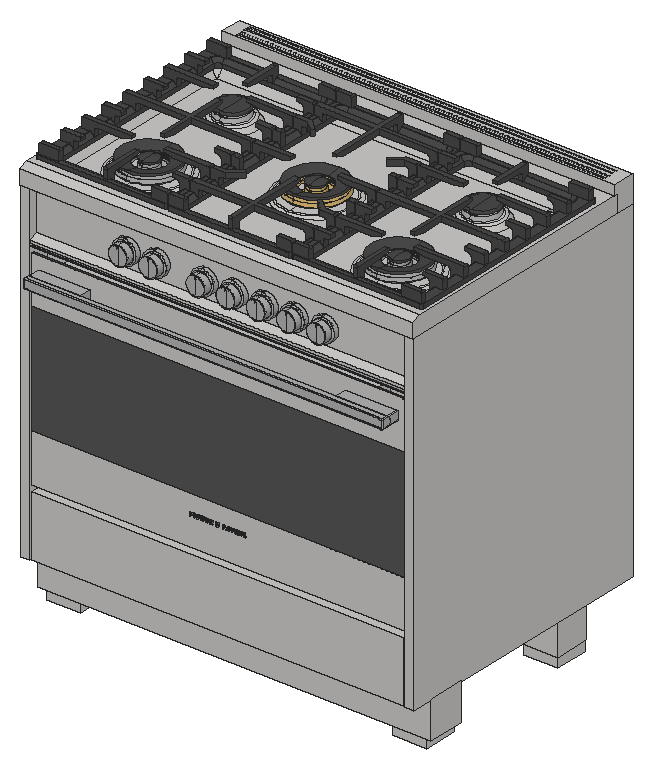
Revit family "FP_Revit_18_OR36SDG4X1_Range_90001021A", category Specialty Equipment, Revit 2018 (continued)
Definition of nested family "F&P Burner Dual Wok"
  Forms (mm)
    Revolve 2, solid, material <- "Material - Burners & Trivets", detail levels fine
      sketch origin (0, 0, 0) x (0, 1, 0) y (0, 0, 1)
        loop
          line (64.958, 44.616) -> (36.353, 36.951) -> (36.353, 34.652) -> (61.561, 40.01) -> (63.997, 40.01) -> (66.045, 40.559) -> (64.958, 44.616)
        loop
          line (0, 45.115) -> (0, 39.67) -> (21.2, 39.67) -> (21.2, 42.433)
          arc (21.2, 42.433) -> (10.684, 44.442) -> (0, 45.115) r 85.151
        axis (0, 45.115) -> (0, 34.652)
      angle from 0 to 360
    Extrusion 3, void
      sketch origin (0, 0, 0) x (1, 0, 0) y (0, 1, 0)
        loop
          arc (-31.085, 20.785) -> (-37.341, -1.988) -> (-28.703, -23.968) r 37.394
          line (-28.703, -23.968) -> (-19.571, -8.151)
          arc (-19.571, -8.151) -> (-20.975, 3.077) -> (-16.404, 13.429) r 21.2
          line (-16.404, 13.429) -> (-16.404, 15.447)
          arc (-16.404, 15.447) -> (-17.093, 17.364) -> (-18.844, 18.406) r 3.015
          line (-18.844, 18.406) -> (-31.085, 20.785)
        loop
          arc (-20.415, -31.33) -> (0, -37.394) -> (20.415, -31.33) r 37.394
          line (20.415, -31.33) -> (12.297, -17.269)
          arc (12.297, -17.269) -> (0, -21.2) -> (-12.297, -17.269) r 21.2
          line (-12.297, -17.269) -> (-20.415, -31.33)
        loop
          line (31.085, 20.785) -> (18.844, 18.406)
          arc (18.844, 18.406) -> (17.093, 17.364) -> (16.404, 15.447) r 3.015
          line (16.404, 15.447) -> (16.404, 13.429)
          arc (16.404, 13.429) -> (20.975, 3.077) -> (19.571, -8.151) r 21.2
          line (19.571, -8.151) -> (28.703, -23.968)
          arc (28.703, -23.968) -> (37.341, -1.988) -> (31.085, 20.785) r 37.394
      from 19.121 to 23.2
    Revolve 4, solid, material <- "Material - Burners & Trivets", detail levels coarse+medium
      sketch origin (0, 0, 0) x (0, 1, 0) y (0, 0, 1)
        loop
          line (-67.134, 45.199) -> (-67.134, 23.2) -> (-36.35, 23.2) -> (-36.35, 36.951) -> (-67.134, 45.199)
        loop
          line (-21.2, 42.433) -> (-21.2, 23.2) -> (0, 23.2) -> (0, 42.433) -> (-21.2, 42.433)
        axis (0, 45.199) -> (0, 23.2)
      angle from 0 to 360
  Cuts and joins
    Extrusion 3 cuts Revolve 2
    Extrusion 3 cuts Revolve 1
  Dimensions and locks
    aligned and locked: level to plane 2
Definition of nested family "F&P Burner Semi Rapid"
  Parameters (values of type "F&P Burner Semi Rapid")
    URL = "www.fisherpaykel.com"
    Material - Burners & Trivets = none
    Material - Body = none
    Manufacturer = "Fisher & Paykel Appliances"
  Reference planes
    plane 1 "Center (Front/Back)": y = 0
    plane 2: z = 0
    plane 3 "Center (Left/Right)": x = 0
  Forms (mm)
    Revolve 1, solid, material <- "Material - Burners & Trivets", detail levels fine
      sketch origin (0, 0, 0) x (0, 1, 0) y (0, 0, 1)
        loop
          line (0, 18.4) -> (0, 21.9) -> (-34.1, 21.9)
          arc (-34.1, 21.9) -> (-36.575, 20.875) -> (-37.6, 18.4) r 3.5
          line (-37.6, 18.4) -> (0, 18.4)
        axis (0, 21.9) -> (0, 18.4)
      angle from 0 to 360
    Revolve 2, solid, material <- "Material - Body", detail levels fine
      sketch origin (0, 0, 0) x (0, 1, 0) y (0, 0, 1)
        loop
          line (0, 18.4) -> (-31, 18.4) -> (-33.046, 11.4) -> (-35, 11.4) -> (-38, 3) -> (0, 3) -> (0, 18.4)
        axis (0, 18.4) -> (0, 3)
      angle from 0 to 360
    Extrusion 3, solid, material <- "Material - Burners & Trivets", detail levels coarse+medium
      sketch origin (0, 0, 0) x (1, 0, 0) y (0, 1, 0)
        loop
          circle (0, 0) r 38
      from 0 to 22
  Dimensions and locks
    aligned and locked: level to plane 2
Definition of nested family "F&P Dial Range Contemporary"
  Parameters (values of type "F&P Dial Range Contemporary")
    URL = "www.fisherpaykel.com"
    Material - Buttons and Dials = none
    Manufacturer = "Fisher & Paykel Appliances"
  Reference planes
    plane 1 "Center (Front/Back)": y = 0
    plane 2: z = 0
    plane 3 "Center (Left/Right)": x = 0
  Forms (mm)
    Revolve 1, solid, material <- "Material - Buttons and Dials", detail levels fine
      sketch origin (0, 0, 0) x (0, 1, 0) y (0, 0, 1)
        loop
          line (0, 0) -> (0, 27.732) -> (-10.5, 27.732) -> (-13, 24.291) -> (-13, 22) -> (-29.2, 22) -> (-30, 21.2) -> (-30, 0) -> (0, 0)
        axis (0, 0) -> (-30, 0)
      angle from 0 to 360
    Revolve 2, solid, material <- "Material - Buttons and Dials", detail levels coarse+medium
      sketch origin (0, 0, 0) x (0, 1, 0) y (0, 0, 1)
        loop
          line (-30, 0) -> (0, 0) -> (0, 27.732) -> (-13, 27.732) -> (-13, 22) -> (-30, 22) -> (-30, 0)
        axis (0, 0) -> (-30, 0)
      angle from 0 to 360
    Extrusion 3, void
      sketch origin (0, 0, 0) x (1, 0, 0) y (0, 1, 0)
        loop
          line (-1, -6) -> (-1, -13) -> (1, -13) -> (1, -6)
          arc (1, -6) -> (0, -5) -> (-1, -6) r 1
      from 27 to 28
    Extrusion 4, void
      sketch origin (0, 0, 0) x (1, 0, 0) y (0, 0, 1)
        loop
          line (-1, 19) -> (-1, 16)
          arc (-1, 16) -> (0, 15) -> (1, 16) r 1
          line (1, 16) -> (1, 19)
          arc (1, 19) -> (0, 20) -> (-1, 19) r 1
      from 29.2 to 30
  Cuts and joins
    Extrusion 3, Extrusion 4 cuts Revolve 1
  Dimensions and locks
    aligned and locked: level to plane 2
Definition of nested family "F&P Trivet Range Classic 36"
  Parameters (values of type "F&P Trivet Range Classic 36")
    URL = "www.fisherpaykel.com"
    Material - Burners & Trivets = none
    Manufacturer = "Fisher & Paykel Appliances"
  Reference planes
    plane 1 "Center (Front/Back)": y = 0
    plane 2: z = 0
    plane 3 "Center (Left/Right)": x = 0
  Forms (mm)
    Extrusion 1, solid, material <- "Material - Burners & Trivets", detail levels medium+fine
      sketch origin (0, 0, 0) x (1, 0, 0) y (0, 1, 0)
        loop
          arc (-298.9, 251.75) -> (-301.728, 250.578) -> (-302.9, 247.75) r 4
          line (-302.9, 247.75) -> (-302.9, -247.75)
          arc (-302.9, -247.75) -> (-301.728, -250.578) -> (-298.9, -251.75) r 4
          line (-298.9, -251.75) -> (-4.9, -251.75)
          arc (-4.9, -251.75) -> (-2.072, -250.578) -> (-0.9, -247.75) r 4
          line (-0.9, -247.75) -> (-0.9, 247.75)
          arc (-0.9, 247.75) -> (-2.072, 250.578) -> (-4.9, 251.75) r 4
          line (-4.9, 251.75) -> (-298.9, 251.75)
        loop
          arc (-31.7, -241.25) -> (-17.558, -235.392) -> (-11.7, -221.25) r 20
          line (-11.7, -221.25) -> (-11.7, 221.25)
          arc (-11.7, 221.25) -> (-17.558, 235.392) -> (-31.7, 241.25) r 20
          line (-31.7, 241.25) -> (-259.31, 241.25)
          arc (-259.31, 241.25) -> (-273.452, 235.392) -> (-279.31, 221.25) r 20
          line (-279.31, 221.25) -> (-279.31, -221.25)
          arc (-279.31, -221.25) -> (-273.452, -235.392) -> (-259.31, -241.25) r 20
          line (-259.31, -241.25) -> (-31.7, -241.25)
      from 9.493 to 19
    Sweep 2, solid, material <- "Material - Burners & Trivets", detail levels medium+fine
      path in 3D
        loop
          arc (-279.31, 221.25, 19) -> (-273.452, 235.392, 19) -> (-259.31, 241.25, 19) r 20
          line (-259.31, 241.25, 19) -> (-31.7, 241.25, 19)
          arc (-31.7, 241.25, 19) -> (-17.558, 235.392, 19) -> (-11.7, 221.25, 19) r 20
          line (-11.7, 221.25, 19) -> (-11.7, -221.25, 19)
          arc (-11.7, -221.25, 19) -> (-17.558, -235.392, 19) -> (-31.7, -241.25, 19) r 20
          line (-31.7, -241.25, 19) -> (-259.31, -241.25, 19)
          arc (-259.31, -241.25, 19) -> (-273.452, -235.392, 19) -> (-279.31, -221.25, 19) r 20
          line (-279.31, -221.25, 19) -> (-279.31, 221.25, 19)
      profile origin (-279.31, 0, 19) x (-1, 0, 0) y (0, 0, 1)
        loop
          line (0, 0) -> (-10.55, -9.507) -> (-10.55, -19) -> (0, -19) -> (0, 0)
    Extrusion 3, solid, material <- "Material - Burners & Trivets", detail levels medium+fine
      sketch origin (0, 0, 0) x (1, 0, 0) y (0, 0, 1)
        loop
          line (-298.89, 19) -> (-279.31, 19) -> (-268.76, 9.493) -> (-268.76, 25.205)
          arc (-268.76, 25.205) -> (-267.798, 28.153) -> (-265.283, 29.967) r 5
          line (-265.283, 29.967) -> (-252.67, 34) -> (-252.67, 39)
          arc (-252.67, 39) -> (-253.549, 41.121) -> (-255.67, 42) r 3
          line (-255.67, 42) -> (-295.89, 42)
          arc (-295.89, 42) -> (-298.011, 41.121) -> (-298.89, 39) r 3
          line (-298.89, 39) -> (-298.89, 19)
        loop
          line (-0.9, 19) -> (-0.9, 39)
          arc (-0.9, 39) -> (-1.779, 41.121) -> (-3.9, 42) r 3
          line (-3.9, 42) -> (-38.33, 42) -> (-38.33, 34) -> (-25.717, 29.967)
          arc (-25.717, 29.967) -> (-23.202, 28.153) -> (-22.24, 25.205) r 5
          line (-22.24, 25.205) -> (-22.24, 9.507) -> (-11.705, 19) -> (-0.9, 19)
      from 174.48 to 185.18
    Extrusion 4, solid, material <- "Material - Burners & Trivets", detail levels medium+fine
      sketch origin (0, 0, 0) x (1, 0, 0) y (0, 0, 1)
        loop
          line (-252.67, 19) -> (-252.67, 39)
          arc (-252.67, 39) -> (-253.549, 41.121) -> (-255.67, 42) r 3
          line (-255.67, 42) -> (-295.89, 42)
          arc (-295.89, 42) -> (-298.011, 41.121) -> (-298.89, 39) r 3
          line (-298.89, 39) -> (-298.89, 19) -> (-252.67, 19)
        loop
          line (-0.9, 19) -> (-0.9, 39)
          arc (-0.9, 39) -> (-1.779, 41.121) -> (-3.9, 42) r 3
          line (-3.9, 42) -> (-35.33, 42)
          arc (-35.33, 42) -> (-37.451, 41.121) -> (-38.33, 39) r 3
          line (-38.33, 39) -> (-38.33, 19) -> (-0.9, 19)
      from 238.25 to 248.23
    Extrusion 5, solid, material <- "Material - Burners & Trivets", detail levels medium+fine
      sketch origin (0, 0, 0) x (1, 0, 0) y (0, 0, 1)
        loop
          line (-298.89, 19) -> (-279.31, 19) -> (-268.76, 9.493) -> (-268.76, 25)
          arc (-268.76, 25) -> (-267.296, 28.536) -> (-263.76, 30) r 5
          line (-263.76, 30) -> (-208.4, 30) -> (-183.4, 35.5) -> (-183.4, 42) -> (-295.89, 42)
          arc (-295.89, 42) -> (-298.011, 41.121) -> (-298.89, 39) r 3
          line (-298.89, 39) -> (-298.89, 19)
        loop
          line (-0.9, 19) -> (-0.9, 39)
          arc (-0.9, 39) -> (-1.779, 41.121) -> (-3.9, 42) r 3
          line (-3.9, 42) -> (-107.6, 42) -> (-107.6, 35.5) -> (-82.6, 30) -> (-27.24, 30)
          arc (-27.24, 30) -> (-23.704, 28.536) -> (-22.24, 25) r 5
          line (-22.24, 25) -> (-22.24, 9.507) -> (-11.705, 19) -> (-0.9, 19)
      from 114.52 to 125.22
    Extrusion 6, solid, material <- "Material - Burners & Trivets", detail levels medium+fine
      sketch origin (0, 0, 0) x (0, 1, 0) y (0, 0, 1)
        loop
          line (-230.721, 9.512) -> (-230.721, 25)
          arc (-230.721, 25) -> (-229.257, 28.536) -> (-225.721, 30) r 5
          line (-225.721, 30) -> (-182.46, 30) -> (-157.46, 35.5) -> (-157.46, 42) -> (-243.58, 42)
          arc (-243.58, 42) -> (-245.701, 41.121) -> (-246.58, 39) r 3
          line (-246.58, 39) -> (-246.58, 19) -> (-241.25, 19) -> (-230.721, 9.512)
        loop
          line (-5.82, 30) -> (-5.82, 42) -> (-82.12, 42) -> (-82.12, 35.5) -> (-57.12, 30) -> (-5.82, 30)
        loop
          line (230.721, 9.514) -> (241.248, 19) -> (246.58, 19) -> (246.58, 39)
          arc (246.58, 39) -> (245.701, 41.121) -> (243.58, 42) r 3
          line (243.58, 42) -> (157.46, 42) -> (157.46, 35.5) -> (182.46, 30) -> (225.721, 30)
          arc (225.721, 30) -> (229.257, 28.536) -> (230.721, 25) r 5
          line (230.721, 25) -> (230.721, 9.514)
        loop
          line (5.82, 30) -> (57.12, 30) -> (82.12, 35.5) -> (82.12, 42) -> (5.82, 42) -> (5.82, 30)
      from -150.604 to -140.396
    Extrusion 7, solid, material <- "Material - Burners & Trivets", detail levels medium+fine
      sketch origin (0, 0, 0) x (1, 0, 0) y (0, 0, 1)
        loop
          line (-298.89, 19) -> (-279.31, 19) -> (-268.76, 9.493) -> (-268.76, 25)
          arc (-268.76, 25) -> (-267.296, 28.536) -> (-263.76, 30) r 5
          line (-263.76, 30) -> (-27.24, 30)
          arc (-27.24, 30) -> (-23.704, 28.536) -> (-22.24, 25) r 5
          line (-22.24, 25) -> (-22.24, 9.507) -> (-11.705, 19) -> (-0.9, 19) -> (-0.9, 39)
          arc (-0.9, 39) -> (-1.779, 41.121) -> (-3.9, 42) r 3
          line (-3.9, 42) -> (-293.89, 42)
          arc (-293.89, 42) -> (-297.426, 40.536) -> (-298.89, 37) r 5
          line (-298.89, 37) -> (-298.89, 19)
      from -5.82 to 5.82
    Extrusion 8, solid, material <- "Material - Burners & Trivets", detail levels coarse
      sketch origin (0, 0, 0) x (1, 0, 0) y (0, 1, 0)
        loop
          line (-302.9, 251.75) -> (-302.9, -251.75) -> (-0.9, -251.75) -> (-0.9, 251.75) -> (-302.9, 251.75)
        loop
          line (-268.76, 230.7) -> (-268.76, -230.7) -> (-22.25, -230.7) -> (-22.25, 230.7) -> (-268.76, 230.7)
      from 9.493 to 19
    Extrusion 9, solid, detail levels coarse
      sketch origin (0, 0, 0) x (1, 0, 0) y (0, 1, 0)
        loop
          line (-150.604, 246.58) -> (-150.604, 125.22) -> (-298.89, 125.22) -> (-298.89, 114.52) -> (-150.604, 114.52) -> (-150.604, 5.82) -> (-298.89, 5.82) -> (-298.89, -5.82) -> (-150.604, -5.82) -> (-150.604, -114.52) -> (-298.89, -114.52) -> (-298.89, -125.22) -> (-150.604, -125.22) -> (-150.604, -246.58) -> (-140.396, -246.58) -> (-140.396, -125.22) -> (-0.9, -125.22) -> (-0.9, -114.52) -> (-140.396, -114.52) -> (-140.396, -5.82) -> (-0.9, -5.82) -> (-0.9, 5.82) -> (-140.396, 5.82) -> (-140.396, 114.52) -> (-0.9, 114.52) -> (-0.9, 125.22) -> (-140.396, 125.22) -> (-140.396, 246.58) -> (-150.604, 246.58)
      from 29.967 to 42
    Extrusion 10, solid, material <- "Material - Burners & Trivets", detail levels medium+fine
      sketch origin (0, 0, 0) x (1, 0, 0) y (0, 0, 1)
        loop
          line (-298.89, 19) -> (-279.31, 19) -> (-268.76, 9.493) -> (-268.76, 25.205)
          arc (-268.76, 25.205) -> (-267.798, 28.153) -> (-265.283, 29.967) r 5
          line (-265.283, 29.967) -> (-252.67, 34) -> (-252.67, 39)
          arc (-252.67, 39) -> (-253.549, 41.121) -> (-255.67, 42) r 3
          line (-255.67, 42) -> (-295.89, 42)
          arc (-295.89, 42) -> (-298.011, 41.121) -> (-298.89, 39) r 3
          line (-298.89, 39) -> (-298.89, 19)
        loop
          line (-0.9, 19) -> (-0.9, 39)
          arc (-0.9, 39) -> (-1.779, 41.121) -> (-3.9, 42) r 3
          line (-3.9, 42) -> (-38.33, 42) -> (-38.33, 34) -> (-25.717, 29.967)
          arc (-25.717, 29.967) -> (-23.202, 28.153) -> (-22.24, 25.205) r 5
          line (-22.24, 25.205) -> (-22.24, 9.507) -> (-11.705, 19) -> (-0.9, 19)
      from 54.94 to 65.64
    Extrusion 11, solid, material <- "Material - Burners & Trivets", detail levels medium+fine
      sketch origin (0, 0, 0) x (1, 0, 0) y (0, 0, -1)
        loop
          line (-298.89, -19) -> (-298.89, -39)
          arc (-298.89, -39) -> (-298.011, -41.121) -> (-295.89, -42) r 3
          line (-295.89, -42) -> (-255.67, -42)
          arc (-255.67, -42) -> (-253.549, -41.121) -> (-252.67, -39) r 3
          line (-252.67, -39) -> (-252.67, -34) -> (-265.283, -29.967)
          arc (-265.283, -29.967) -> (-267.798, -28.153) -> (-268.76, -25.205) r 5
          line (-268.76, -25.205) -> (-268.76, -9.493) -> (-279.31, -19) -> (-298.89, -19)
        loop
          line (-0.9, -19) -> (-11.705, -19) -> (-22.24, -9.507) -> (-22.24, -25.205)
          arc (-22.24, -25.205) -> (-23.202, -28.153) -> (-25.717, -29.967) r 5
          line (-25.717, -29.967) -> (-38.33, -34) -> (-38.33, -42) -> (-3.9, -42)
          arc (-3.9, -42) -> (-1.779, -41.121) -> (-0.9, -39) r 3
          line (-0.9, -39) -> (-0.9, -19)
      from 174.48 to 185.18
    Extrusion 12, solid, material <- "Material - Burners & Trivets", detail levels medium+fine
      sketch origin (0, 0, 0) x (1, 0, 0) y (0, 0, -1)
        loop
          line (-298.89, -19) -> (-298.89, -39)
          arc (-298.89, -39) -> (-298.011, -41.121) -> (-295.89, -42) r 3
          line (-295.89, -42) -> (-183.4, -42) -> (-183.4, -35.5) -> (-208.4, -30) -> (-263.76, -30)
          arc (-263.76, -30) -> (-267.296, -28.536) -> (-268.76, -25) r 5
          line (-268.76, -25) -> (-268.76, -9.493) -> (-279.31, -19) -> (-298.89, -19)
        loop
          line (-0.9, -19) -> (-11.705, -19) -> (-22.24, -9.507) -> (-22.24, -25)
          arc (-22.24, -25) -> (-23.704, -28.536) -> (-27.24, -30) r 5
          line (-27.24, -30) -> (-82.6, -30) -> (-107.6, -35.5) -> (-107.6, -42) -> (-3.9, -42)
          arc (-3.9, -42) -> (-1.779, -41.121) -> (-0.9, -39) r 3
          line (-0.9, -39) -> (-0.9, -19)
      from 114.52 to 125.22
    Extrusion 13, solid, material <- "Material - Burners & Trivets", detail levels medium+fine
      sketch origin (0, 0, 0) x (1, 0, 0) y (0, 0, -1)
        loop
          line (-298.89, -19) -> (-298.89, -39)
          arc (-298.89, -39) -> (-298.011, -41.121) -> (-295.89, -42) r 3
          line (-295.89, -42) -> (-255.67, -42)
          arc (-255.67, -42) -> (-253.549, -41.121) -> (-252.67, -39) r 3
          line (-252.67, -39) -> (-252.67, -34) -> (-265.283, -29.967)
          arc (-265.283, -29.967) -> (-267.798, -28.153) -> (-268.76, -25.205) r 5
          line (-268.76, -25.205) -> (-268.76, -9.493) -> (-279.31, -19) -> (-298.89, -19)
        loop
          line (-0.9, -19) -> (-11.705, -19) -> (-22.24, -9.507) -> (-22.24, -25.205)
          arc (-22.24, -25.205) -> (-23.202, -28.153) -> (-25.717, -29.967) r 5
          line (-25.717, -29.967) -> (-38.33, -34) -> (-38.33, -42) -> (-3.9, -42)
          arc (-3.9, -42) -> (-1.779, -41.121) -> (-0.9, -39) r 3
          line (-0.9, -39) -> (-0.9, -19)
      from 54.94 to 65.64
    Extrusion 14, solid, material <- "Material - Burners & Trivets", detail levels medium+fine
      sketch origin (0, 0, 0) x (1, 0, 0) y (0, 0, -1)
        loop
          line (-252.67, -19) -> (-298.89, -19) -> (-298.89, -39)
          arc (-298.89, -39) -> (-298.011, -41.121) -> (-295.89, -42) r 3
          line (-295.89, -42) -> (-255.67, -42)
          arc (-255.67, -42) -> (-253.549, -41.121) -> (-252.67, -39) r 3
          line (-252.67, -39) -> (-252.67, -19)
        loop
          line (-0.9, -19) -> (-38.33, -19) -> (-38.33, -39)
          arc (-38.33, -39) -> (-37.451, -41.121) -> (-35.33, -42) r 3
          line (-35.33, -42) -> (-3.9, -42)
          arc (-3.9, -42) -> (-1.779, -41.121) -> (-0.9, -39) r 3
          line (-0.9, -39) -> (-0.9, -19)
      from 238.25 to 248.23
  Cuts and joins
    joined: Extrusion 6, Extrusion 7
  Lines and regions (mm)
    sketch lines
      curve 1: line (-279.31, -221.25, 19) -> (-279.31, 221.25, 19)
      curve 2: arc (-279.31, -221.25, 19) -> (-273.452, -235.392, 19) -> (-259.31, -241.25, 19) r 20
      curve 3: line (-31.7, -241.25, 19) -> (-259.31, -241.25, 19)
      curve 4: line (-11.7, 221.25, 19) -> (-11.7, -221.25, 19)
      curve 5: arc (-31.7, -241.25, 19) -> (-17.558, -235.392, 19) -> (-11.7, -221.25, 19) r 20
      curve 6: arc (-11.7, 221.25, 19) -> (-17.558, 235.392, 19) -> (-31.7, 241.25, 19) r 20
      curve 7: line (-259.31, 241.25, 19) -> (-31.7, 241.25, 19)
      curve 8: arc (-259.31, 241.25, 19) -> (-273.452, 235.392, 19) -> (-279.31, 221.25, 19) r 20
  Dimensions and locks
    aligned and locked: level to plane 2
Definition of nested family "F&P Trivet Range Classic Centre 36"
  Parameters (values of type "F&P Trivet Range Classic Centre 36")
    URL = "www.fisherpaykel.com"
    Material - Burners & Trivets = none
    Manufacturer = "Fisher & Paykel Appliances"
  Reference planes
    plane 1 "Center (Front/Back)": y = 0
    plane 2: z = 0
    plane 3 "Center (Left/Right)": x = 0
  Forms (mm)
    Extrusion 1, solid, material <- "Material - Burners & Trivets", detail levels medium+fine
      sketch origin (0, 0, 0) x (1, 0, 0) y (0, 1, 0)
        loop
          arc (-139, 251.75) -> (-141.828, 250.578) -> (-143, 247.75) r 4
          line (-143, 247.75) -> (-143, -247.75)
          arc (-143, -247.75) -> (-141.828, -250.578) -> (-139, -251.75) r 4
          line (-139, -251.75) -> (139, -251.75)
          arc (139, -251.75) -> (141.828, -250.578) -> (143, -247.75) r 4
          line (143, -247.75) -> (143, 247.75)
          arc (143, 247.75) -> (141.828, 250.578) -> (139, 251.75) r 4
          line (139, 251.75) -> (-139, 251.75)
        loop
          arc (115.32, -241.25) -> (129.462, -235.392) -> (135.32, -221.25) r 20
          line (135.32, -221.25) -> (135.32, 221.25)
          arc (135.32, 221.25) -> (129.462, 235.392) -> (115.32, 241.25) r 20
          line (115.32, 241.25) -> (-115.23, 241.25)
          arc (-115.23, 241.25) -> (-129.372, 235.392) -> (-135.23, 221.25) r 20
          line (-135.23, 221.25) -> (-135.23, -221.25)
          arc (-135.23, -221.25) -> (-129.372, -235.392) -> (-115.23, -241.25) r 20
          line (-115.23, -241.25) -> (115.32, -241.25)
      from 9.493 to 19
    Sweep 2, solid, material <- "Material - Burners & Trivets", detail levels medium+fine
      path in 3D
        loop
          arc (-135.23, 221.25, 19) -> (-129.372, 235.392, 19) -> (-115.23, 241.25, 19) r 20
          line (-115.23, 241.25, 19) -> (115.32, 241.25, 19)
          arc (115.32, 241.25, 19) -> (129.462, 235.392, 19) -> (135.32, 221.25, 19) r 20
          line (135.32, 221.25, 19) -> (135.32, -221.25, 19)
          arc (135.32, -221.25, 19) -> (129.462, -235.392, 19) -> (115.32, -241.25, 19) r 20
          line (115.32, -241.25, 19) -> (-115.23, -241.25, 19)
          arc (-115.23, -241.25, 19) -> (-129.372, -235.392, 19) -> (-135.23, -221.25, 19) r 20
          line (-135.23, -221.25, 19) -> (-135.23, 221.25, 19)
      profile origin (-135.23, 0, 19) x (-1, 0, 0) y (0, 0, 1)
        loop
          line (0, 0) -> (-10.55, -9.507) -> (-10.55, -19) -> (0, -19) -> (0, 0)
    Extrusion 3, solid, material <- "Material - Burners & Trivets", detail levels medium+fine
      sketch origin (0, 0, 0) x (1, 0, 0) y (0, 0, 1)
        loop
          line (-143, 19) -> (-135.221, 19) -> (-124.671, 9.493) -> (-124.671, 39)
          arc (-124.671, 39) -> (-125.549, 41.121) -> (-127.671, 42) r 3
          line (-127.671, 42) -> (-140, 42)
          arc (-140, 42) -> (-142.121, 41.121) -> (-143, 39) r 3
          line (-143, 39) -> (-143, 19)
        loop
          line (143, 19) -> (143, 39)
          arc (143, 39) -> (142.121, 41.121) -> (140, 42) r 3
          line (140, 42) -> (127.77, 42)
          arc (127.77, 42) -> (125.649, 41.121) -> (124.77, 39) r 3
          line (124.77, 39) -> (124.77, 9.507) -> (135.305, 19) -> (143, 19)
      from 54.96 to 65.66
    Extrusion 4, solid, material <- "Material - Burners & Trivets", detail levels medium+fine
      sketch origin (0, 0, 0) x (1, 0, 0) y (0, 0, 1)
        loop
          line (-106.97, 19) -> (-106.97, 39)
          arc (-106.97, 39) -> (-107.849, 41.121) -> (-109.97, 42) r 3
          line (-109.97, 42) -> (-140, 42)
          arc (-140, 42) -> (-142.121, 41.121) -> (-143, 39) r 3
          line (-143, 39) -> (-143, 19) -> (-106.97, 19)
        loop
          line (143, 19) -> (143, 39)
          arc (143, 39) -> (142.121, 41.121) -> (140, 42) r 3
          line (140, 42) -> (109.97, 42)
          arc (109.97, 42) -> (107.849, 41.121) -> (106.97, 39) r 3
          line (106.97, 39) -> (106.97, 19) -> (143, 19)
      from 238.25 to 248.23
    Extrusion 5, solid, material <- "Material - Burners & Trivets", detail levels medium+fine
      sketch origin (0, 0, 0) x (1, 0, 0) y (0, 0, 1)
        loop
          line (-143, 19) -> (-135.221, 19) -> (-124.671, 9.493) -> (-124.671, 25)
          arc (-124.671, 25) -> (-123.206, 28.536) -> (-119.671, 30) r 5
          line (-119.671, 30) -> (-74.5, 30) -> (-54.5, 36) -> (-54.5, 42) -> (-140, 42)
          arc (-140, 42) -> (-142.121, 41.121) -> (-143, 39) r 3
          line (-143, 39) -> (-143, 19)
        loop
          line (143, 19) -> (143, 39)
          arc (143, 39) -> (142.121, 41.121) -> (140, 42) r 3
          line (140, 42) -> (54.5, 42) -> (54.5, 36) -> (74.5, 30) -> (119.77, 30)
          arc (119.77, 30) -> (123.306, 28.536) -> (124.77, 25) r 5
          line (124.77, 25) -> (124.77, 9.507) -> (135.305, 19) -> (143, 19)
      from -5.82 to 5.82
    Extrusion 6, solid, material <- "Material - Burners & Trivets", detail levels medium+fine
      sketch origin (0, 0, 0) x (0, 1, 0) y (0, 0, 1)
        loop
          line (-230.721, 9.512) -> (-230.721, 25)
          arc (-230.721, 25) -> (-229.257, 28.536) -> (-225.721, 30) r 5
          line (-225.721, 30) -> (-185.18, 30) -> (-185.18, 42) -> (-243.58, 42)
          arc (-243.58, 42) -> (-245.701, 41.121) -> (-246.58, 39) r 3
          line (-246.58, 39) -> (-246.58, 19) -> (-241.25, 19) -> (-230.721, 9.512)
        loop
          line (-54.5, 35.961) -> (-54.5, 42) -> (-174.48, 42) -> (-174.48, 30) -> (-74.241, 30) -> (-54.5, 35.961)
        loop
          line (230.721, 9.514) -> (241.248, 19) -> (246.58, 19) -> (246.58, 39)
          arc (246.58, 39) -> (245.701, 41.121) -> (243.58, 42) r 3
          line (243.58, 42) -> (185.18, 42) -> (185.18, 30) -> (225.721, 30)
          arc (225.721, 30) -> (229.257, 28.536) -> (230.721, 25) r 5
          line (230.721, 25) -> (230.721, 9.514)
        loop
          line (54.5, 36) -> (74.349, 30) -> (174.48, 30) -> (174.48, 42) -> (54.5, 42) -> (54.5, 36)
      from -5.104 to 5.104
    Extrusion 7, solid, material <- "Material - Burners & Trivets", detail levels medium+fine
      sketch origin (0, 0, 0) x (1, 0, 0) y (0, 0, 1)
        loop
          line (-143, 19) -> (-135.221, 19) -> (-124.671, 9.493) -> (-124.671, 25)
          arc (-124.671, 25) -> (-123.206, 28.536) -> (-119.671, 30) r 5
          line (-119.671, 30) -> (-112.17, 30) -> (-112.17, 42) -> (-140, 42)
          arc (-140, 42) -> (-142.121, 41.121) -> (-143, 39) r 3
          line (-143, 39) -> (-143, 19)
        loop
          line (140, 42) -> (112.17, 42) -> (112.17, 30) -> (119.77, 30)
          arc (119.77, 30) -> (123.306, 28.536) -> (124.77, 25) r 5
          line (124.77, 25) -> (124.77, 9.507) -> (135.305, 19) -> (143, 19) -> (143, 39)
          arc (143, 39) -> (142.121, 41.121) -> (140, 42) r 3
      from 114.52 to 125.22
    Extrusion 8, solid, material <- "Material - Burners & Trivets", detail levels coarse
      sketch origin (0, 0, 0) x (1, 0, 0) y (0, 1, 0)
        loop
          line (-143, 251.75) -> (-143, -251.75) -> (143, -251.75) -> (143, 251.75) -> (-143, 251.75)
        loop
          line (-124.671, 230.7) -> (-124.671, -230.7) -> (124.77, -230.7) -> (124.77, 230.7) -> (-124.671, 230.7)
      from 9.493 to 19
    Extrusion 9, solid, detail levels coarse
      sketch origin (0, 0, 0) x (1, 0, 0) y (0, 1, 0)
        loop
          line (-5.104, 246.58) -> (-5.104, 125.22) -> (-143, 125.22) -> (-143, 114.52) -> (-5.104, 114.52) -> (-5.104, 5.82) -> (-143, 5.82) -> (-143, -5.82) -> (-5.104, -5.82) -> (-5.104, -114.52) -> (-143, -114.52) -> (-143, -125.22) -> (-5.104, -125.22) -> (-5.104, -246.58) -> (5.104, -246.58) -> (5.104, -125.22) -> (143, -125.22) -> (143, -114.52) -> (5.104, -114.52) -> (5.104, -5.82) -> (143, -5.82) -> (143, 5.82) -> (5.104, 5.82) -> (5.104, 114.52) -> (143, 114.52) -> (143, 125.22) -> (5.104, 125.22) -> (5.104, 246.58) -> (-5.104, 246.58)
      from 29.967 to 42
    Extrusion 10, solid, material <- "Material - Burners & Trivets", detail levels medium+fine
      sketch origin (0, 0, 0) x (1, 0, 0) y (0, 0, 1)
        loop
          line (-143, 19) -> (-135.221, 19) -> (-124.671, 9.493) -> (-124.671, 25)
          arc (-124.671, 25) -> (-123.206, 28.536) -> (-119.671, 30) r 5
          line (-119.671, 30) -> (119.77, 30)
          arc (119.77, 30) -> (123.306, 28.536) -> (124.77, 25) r 5
          line (124.77, 25) -> (124.77, 9.507) -> (135.305, 19) -> (143, 19) -> (143, 39)
          arc (143, 39) -> (142.121, 41.121) -> (140, 42) r 3
          line (140, 42) -> (-140, 42)
          arc (-140, 42) -> (-142.121, 41.121) -> (-143, 39) r 3
          line (-143, 39) -> (-143, 19)
      from 174.48 to 185.18
    Extrusion 11, solid, material <- "Material - Burners & Trivets", detail levels medium+fine
      sketch origin (0, 0, 0) x (1, 0, 0) y (0, 1, 0)
        loop
          line (-112.17, -114.52) -> (-112.17, -125.22) -> (-108.846, -125.22) -> (-83.515, -99.889) -> (-88.797, -94.607) -> (-112.17, -114.52)
        loop
          line (112.17, -114.52) -> (88.797, -94.607) -> (83.515, -99.889) -> (108.846, -125.22) -> (112.17, -125.22) -> (112.17, -114.52)
      from 30 to 42
    Extrusion 12, solid, material <- "Material - Burners & Trivets", detail levels medium+fine
      sketch origin (0, 0, 0) x (1, 0, 0) y (0, 0, -1)
        loop
          line (-143, -19) -> (-143, -39)
          arc (-143, -39) -> (-142.121, -41.121) -> (-140, -42) r 3
          line (-140, -42) -> (-127.671, -42)
          arc (-127.671, -42) -> (-125.549, -41.121) -> (-124.671, -39) r 3
          line (-124.671, -39) -> (-124.671, -9.493) -> (-135.221, -19) -> (-143, -19)
        loop
          line (143, -19) -> (135.305, -19) -> (124.77, -9.507) -> (124.77, -39)
          arc (124.77, -39) -> (125.649, -41.121) -> (127.77, -42) r 3
          line (127.77, -42) -> (140, -42)
          arc (140, -42) -> (142.121, -41.121) -> (143, -39) r 3
          line (143, -39) -> (143, -19)
      from 54.96 to 65.66
    Extrusion 13, solid, material <- "Material - Burners & Trivets", detail levels medium+fine
      sketch origin (0, 0, 0) x (1, 0, 0) y (0, 0, -1)
        loop
          line (-106.97, -19) -> (-143, -19) -> (-143, -39)
          arc (-143, -39) -> (-142.121, -41.121) -> (-140, -42) r 3
          line (-140, -42) -> (-109.97, -42)
          arc (-109.97, -42) -> (-107.849, -41.121) -> (-106.97, -39) r 3
          line (-106.97, -39) -> (-106.97, -19)
        loop
          line (143, -19) -> (106.97, -19) -> (106.97, -39)
          arc (106.97, -39) -> (107.849, -41.121) -> (109.97, -42) r 3
          line (109.97, -42) -> (140, -42)
          arc (140, -42) -> (142.121, -41.121) -> (143, -39) r 3
          line (143, -39) -> (143, -19)
      from 238.25 to 248.23
    Extrusion 14, solid, material <- "Material - Burners & Trivets", detail levels medium+fine
      sketch origin (0, 0, 0) x (1, 0, 0) y (0, 0, -1)
        loop
          line (-143, -19) -> (-143, -39)
          arc (-143, -39) -> (-142.121, -41.121) -> (-140, -42) r 3
          line (-140, -42) -> (140, -42)
          arc (140, -42) -> (142.121, -41.121) -> (143, -39) r 3
          line (143, -39) -> (143, -19) -> (135.305, -19) -> (124.77, -9.507) -> (124.77, -25)
          arc (124.77, -25) -> (123.306, -28.536) -> (119.77, -30) r 5
          line (119.77, -30) -> (-119.671, -30)
          arc (-119.671, -30) -> (-123.206, -28.536) -> (-124.671, -25) r 5
          line (-124.671, -25) -> (-124.671, -9.493) -> (-135.221, -19) -> (-143, -19)
      from 174.48 to 185.18
    Extrusion 15, solid, material <- "Material - Burners & Trivets", detail levels medium+fine
      sketch origin (0, 0, 0) x (1, 0, 0) y (0, 1, 0)
        loop
          line (-112.17, 114.52) -> (-88.797, 94.607) -> (-83.515, 99.889) -> (-108.846, 125.22) -> (-112.17, 125.22) -> (-112.17, 114.52)
        loop
          line (112.17, 114.52) -> (112.17, 125.22) -> (108.846, 125.22) -> (83.515, 99.889) -> (88.797, 94.607) -> (112.17, 114.52)
      from 30 to 42
    Extrusion 16, solid, material <- "Material - Burners & Trivets", detail levels medium+fine
      sketch origin (0, 0, 0) x (1, 0, 0) y (0, 0, -1)
        loop
          line (-143, -19) -> (-143, -39)
          arc (-143, -39) -> (-142.121, -41.121) -> (-140, -42) r 3
          line (-140, -42) -> (-112.17, -42) -> (-112.17, -30) -> (-119.671, -30)
          arc (-119.671, -30) -> (-123.206, -28.536) -> (-124.671, -25) r 5
          line (-124.671, -25) -> (-124.671, -9.493) -> (-135.221, -19) -> (-143, -19)
        loop
          arc (140, -42) -> (142.121, -41.121) -> (143, -39) r 3
          line (143, -39) -> (143, -19) -> (135.305, -19) -> (124.77, -9.507) -> (124.77, -25)
          arc (124.77, -25) -> (123.306, -28.536) -> (119.77, -30) r 5
          line (119.77, -30) -> (112.17, -30) -> (112.17, -42) -> (140, -42)
      from 114.52 to 125.22
  Cuts and joins
    joined: Extrusion 6, Extrusion 7, Extrusion 10, Extrusion 11, Extrusion 14
    joined: Extrusion 15, Extrusion 16
  Lines and regions (mm)
    sketch lines
      curve 1: line (-135.23, -221.25, 19) -> (-135.23, 221.25, 19)
      curve 2: arc (-135.23, -221.25, 19) -> (-129.372, -235.392, 19) -> (-115.23, -241.25, 19) r 20
      curve 3: line (115.32, -241.25, 19) -> (-115.23, -241.25, 19)
      curve 4: line (135.32, 221.25, 19) -> (135.32, -221.25, 19)
      curve 5: arc (115.32, -241.25, 19) -> (129.462, -235.392, 19) -> (135.32, -221.25, 19) r 20
      curve 6: arc (135.32, 221.25, 19) -> (129.462, 235.392, 19) -> (115.32, 241.25, 19) r 20
      curve 7: line (-115.23, 241.25, 19) -> (115.32, 241.25, 19)
      curve 8: arc (-115.23, 241.25, 19) -> (-129.372, 235.392, 19) -> (-135.23, 221.25, 19) r 20
  Dimensions and locks
    aligned and locked: level to plane 2
Definition of nested family "F&P Handle Contemporary OR30-36"
  Parameters (values of type "30"")
    URL = "www.fisherpaykel.com"
    Product - Width = 710 mm
    Model = ""
    Material - Handle = none
    Manufacturer = "Fisher & Paykel Appliances"
    Keynote = ""
    Description = ""
  Types (3, lengths in mm): name | Product - Width
    (no name) | 710
    36" | 834
    30" | 710
  Reference planes
    plane 1 "Center (Front/Back)": y = 0
    plane 2: z = 0
    plane 3 "Center (Left/Right)": x = 0
    plane 4 "Product LHS": x = -355
    plane 5 "Product RHS": x = 355
  Forms (mm)
    Extrusion 1, solid, material <- "Material - Handle", detail levels fine
      sketch origin (0, 0, 30.1) x (0, 1, 0) y (0, 0, 1)
        loop
          arc (-25.32, 688.263) -> (-20.3, 677.063) -> (-25.32, 665.863) r 15.003
          line (-25.32, 665.863) -> (4.5, 665.863) -> (4.5, 688.263) -> (-25.32, 688.263)
      from 355 to 235
    Extrusion 2, solid, material <- "Material - Handle", detail levels fine
      sketch origin (0, 0, 30.1) x (0, 1, 0) y (0, 0, 1)
        loop
          line (-25.869, 688.563) -> (-37.028, 688.563)
          arc (-37.028, 688.563) -> (-38.776, 687.838) -> (-39.5, 686.09) r 2.472
          line (-39.5, 686.09) -> (-39.5, 668.098)
          arc (-39.5, 668.098) -> (-38.758, 666.305) -> (-36.965, 665.563) r 2.535
          line (-36.965, 665.563) -> (-25.869, 665.563)
          arc (-25.869, 665.563) -> (-20.572, 677.063) -> (-25.869, 688.563) r 15.131
      from -355 to 355
    Extrusion 3, solid, material <- "Material - Handle", detail levels fine
      sketch origin (0, 0, 30.1) x (0, 1, 0) y (0, 0, 1)
        loop
          arc (-25.32, 688.263) -> (-20.3, 677.063) -> (-25.32, 665.863) r 15.003
          line (-25.32, 665.863) -> (4.5, 665.863) -> (4.5, 688.263) -> (-25.32, 688.263)
      from -235 to -355
    Sweep 4, void
      path in 3D
        loop
          line (355, -25.869, 718.663) -> (355, -37.028, 718.663)
          arc (355, -37.028, 718.663) -> (355, -38.776, 717.938) -> (355, -39.5, 716.19) r 2.472
          line (355, -39.5, 716.19) -> (355, -39.5, 698.198)
          arc (355, -39.5, 698.198) -> (355, -38.758, 696.405) -> (355, -36.965, 695.663) r 2.535
          line (355, -36.965, 695.663) -> (355, -25.869, 695.663)
      profile origin (355, -31.449, 718.663) x (1, 0, 0) y (0, 0, 1)
        loop
          line (0, 0) -> (-2, 0) -> (0, -2) -> (0, 0)
    Extrusion 5, void
      sketch origin (0, 0, 0) x (1, 0, 0) y (0, 0, 1)
        loop
          line (353, 718.663) -> (355, 716.663) -> (355, 718.663) -> (353, 718.663)
        loop
          line (353, 695.663) -> (355, 695.663) -> (355, 697.663) -> (353, 695.663)
      from -4.5 to 25.869
    Sweep 6, void
      path in 3D
        loop
          line (-355, -25.869, 695.663) -> (-355, -36.965, 695.663)
          arc (-355, -36.965, 695.663) -> (-355, -38.758, 696.405) -> (-355, -39.5, 698.198) r 2.535
          line (-355, -39.5, 698.198) -> (-355, -39.5, 716.19)
          arc (-355, -39.5, 716.19) -> (-355, -38.776, 717.938) -> (-355, -37.028, 718.663) r 2.472
          line (-355, -37.028, 718.663) -> (-355, -25.869, 718.663)
      profile origin (-355, -31.449, 718.663) x (-1, 0, 0) y (0, 0, 1)
        loop
          line (0, 0) -> (-2, 0) -> (0, -2) -> (0, 0)
    Extrusion 7, void
      sketch origin (0, 0, 0) x (1, 0, 0) y (0, 0, 1)
        loop
          line (-353, 718.663) -> (-355, 718.663) -> (-355, 716.663) -> (-353, 718.663)
        loop
          line (-355, 697.663) -> (-355, 695.663) -> (-353, 695.663) -> (-355, 697.663)
      from -4.5 to 25.869
    Extrusion 8, solid, material <- "Material - Handle", detail levels coarse+medium
      sketch origin (0, 0, 0) x (1, 0, 0) y (0, 1, 0)
        loop
          line (355, 4.5) -> (235, 4.5) -> (235, -20.3) -> (-235, -20.3) -> (-235, 4.5) -> (-355, 4.5) -> (-355, -39.5) -> (355, -39.5) -> (355, 4.5)
      from 695.663 to 718.663
  Cuts and joins
    Sweep 4, Extrusion 5, Sweep 6, Extrusion 7 cuts Extrusion 2
    Extrusion 5 cuts Extrusion 1
    Extrusion 7 cuts Extrusion 3
  Lines and regions (mm)
    sketch lines
      curve 1: line (355, -25.869, 718.663) -> (355, -37.028, 718.663)
      curve 2: arc (355, -39.5, 716.19) -> (355, -38.776, 717.938) -> (355, -37.028, 718.663) r 2.472
      curve 3: line (355, -39.5, 716.19) -> (355, -39.5, 698.198)
      curve 4: arc (355, -36.965, 695.663) -> (355, -38.758, 696.405) -> (355, -39.5, 698.198) r 2.535
      curve 5: line (355, -36.965, 695.663) -> (355, -25.869, 695.663)
      curve 6: line (-355, -37.028, 718.663) -> (-355, -25.869, 718.663)
      curve 7: arc (-355, -37.028, 718.663) -> (-355, -38.776, 717.938) -> (-355, -39.5, 716.19) r 2.472
      curve 8: line (-355, -39.5, 698.198) -> (-355, -39.5, 716.19)
      curve 9: arc (-355, -39.5, 698.198) -> (-355, -38.758, 696.405) -> (-355, -36.965, 695.663) r 2.535
      curve 10: line (-355, -25.869, 695.663) -> (-355, -36.965, 695.663)
  Text (mm)
    text "Disclaimer:\nWe endevour to maintian the accuracy of our 3D content.\nHowever, product details are subject to change without notice.\nPlease refer to the product Data Sheets for the most current product information." at (41.04, -653.741, 0), in view "Ref. Level (Plan)"
  Dimensions and locks
    equal spacing: plane 4 "Product LHS", plane 3 "Center (Left/Right)", plane 5 "Product RHS"
    "Product - Width": plane 4 "Product LHS" to plane 5 "Product RHS"
    plane 1 "Center (Front/Back)" to Extrusion 8 = 4.5 mm
    locked: plane 4 "Product LHS" to cut or joined group of Extrusion 3, Extrusion 7 at 120
    locked: cut or joined group of Extrusion 1, Extrusion 5 to plane 5 "Product RHS" at 120
    aligned and locked: level to plane 2
    aligned and locked: Extrusion 2 to Extrusion 1
    aligned and locked: plane 4 "Product LHS" to Extrusion 3
    aligned and locked: plane 4 "Product LHS" to Extrusion 2
    aligned and locked: Extrusion 1 to plane 5 "Product RHS"
    aligned and locked: Extrusion 2 to plane 5 "Product RHS"
    aligned and locked: Extrusion 8 sketch curve to cut or joined group of Extrusion 1, Extrusion 5
    aligned and locked: Extrusion 8 sketch curve to cut or joined group of Extrusion 3, Extrusion 7
  Automatic sketch dimensions
    plane 1 "Center (Front/Back)" to Extrusion 1 sketch curve = 35.303 mm
    Extrusion 1 sketch curve to Extrusion 1 sketch curve = 9.983 mm  (x2)
    Extrusion 1 sketch curve to plane 1 "Center (Front/Back)" = 4.5 mm
    Extrusion 1 sketch curve to Extrusion 1 sketch curve = 11.2 mm
    plane 1 "Center (Front/Back)" to Extrusion 2 sketch curve = 39.5 mm
    Extrusion 2 sketch curve to Extrusion 2 sketch curve = 2.472 mm
    Extrusion 2 sketch curve to Extrusion 2 sketch curve = 2.535 mm
    Extrusion 2 sketch curve to Extrusion 2 sketch curve = 1.262 mm
    Extrusion 2 sketch curve to Extrusion 2 sketch curve = 11.159 mm
    Extrusion 2 sketch curve to Extrusion 2 sketch curve = 11.096 mm
    Extrusion 2 sketch curve to Extrusion 2 sketch curve = 8.965 mm
    plane 1 "Center (Front/Back)" to Extrusion 3 sketch curve = 35.303 mm
    Extrusion 3 sketch curve to Extrusion 3 sketch curve = 9.983 mm  (x2)
    Extrusion 3 sketch curve to plane 1 "Center (Front/Back)" = 4.5 mm
    Extrusion 3 sketch curve to Extrusion 3 sketch curve = 11.2 mm
    level to Extrusion 1 sketch curve = 695.963 mm
    level to Extrusion 2 sketch curve = 695.663 mm
    level to Extrusion 3 sketch curve = 695.963 mm
    Sweep 4 sketch curve to profile plane = 0 mm
    profile plane to Sweep 4 sketch curve = 0 mm
    profile plane to Sweep 4 sketch curve = 2 mm
    Sweep 4 sketch curve to profile plane = 2 mm
    plane 5 "Product RHS" to Extrusion 5 sketch curve = 0 mm  (x2)
    Extrusion 5 sketch curve to Extrusion 5 sketch curve = 2 mm  (x4)
    level to Extrusion 5 sketch curve = 695.663 mm
    Extrusion 5 sketch curve to Extrusion 5 sketch curve = 19 mm
    Sweep 6 sketch curve to profile plane = 0 mm  (x2)
    profile plane to Sweep 6 sketch curve = 2 mm
    Sweep 6 sketch curve to profile plane = 2 mm
    plane 4 "Product LHS" to Extrusion 7 sketch curve = 0 mm  (x2)
    Extrusion 7 sketch curve to plane 4 "Product LHS" = 2 mm  (x2)
    level to Extrusion 7 sketch curve = 695.663 mm
    Extrusion 7 sketch curve to Extrusion 7 sketch curve = 21 mm
    Extrusion 7 sketch curve to Extrusion 7 sketch curve = 2 mm  (x2)
    Extrusion 8 sketch curve to plane 4 "Product LHS" = 0 mm
    Extrusion 8 sketch curve to plane 5 "Product RHS" = 0 mm
    plane 1 "Center (Front/Back)" to Extrusion 8 sketch curve = 20.3 mm
    plane 1 "Center (Front/Back)" to Extrusion 8 sketch curve = 39.5 mm
    Extrusion 8 sketch curve to plane 1 "Center (Front/Back)" = 4.5 mm  (x2)
